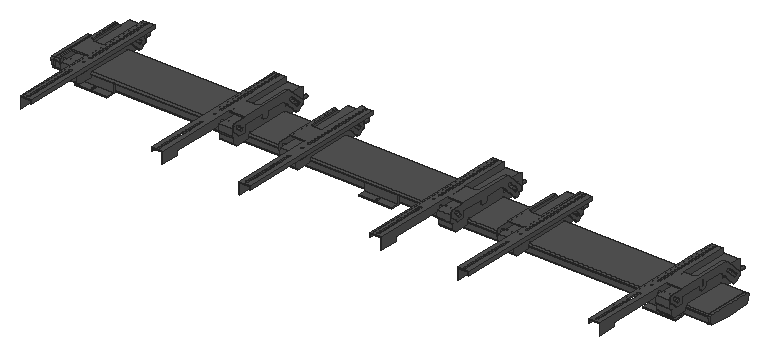
Revit family "Display_Mount-Wall-Vogels-PFS3504-Includes_Interface_Bar", category Specialty Equipment, host Face, Revit 2019
Family settings
  Host = Face
  Round Connector Dimension = Use Diameter
  Part Type = Normal
  Cut with Voids When Loaded = No
  Shared = No
  Room Calculation Point = No
Parameters (values of type "PFS 3504 + PFB 3419")
  Width = 75.40"
  URL = "https://www.vogels.com/en/p/pfs-3504-display-interface-strips-3d-adjustable"
  Product Material = Metal - Painted - Vogels - Black
  One Display [instance] = Display Quantity = 1  # no
  Multiple Displays [instance] = not(One Display)  # yes
  Model Bar = Display_Mount-Wall-Vogels-Interface_Bar : PFB 3419
  Model = "PFS 3504 + PFB 3419"
  Minimum Screen Size Inches = 0.00"
  Maximum Weight Load = 240 kg
  Maximum Screen Size Inches = 0.00"
  Manufacturer = "Vogel´s"  # constant formula
  Height = 19.03"  # constant formula
  Distance Between Strips [instance] = 15.00"
  Distance Between Display Centers [instance] = 25.00"
  Display Quantity Auxiliary [instance] = if(Display Quantity < 2, 2, Display Quantity)  # 3
  Display Quantity [instance] = 3
  Display Array Cantilever [instance] = if(((Width - ((Display Quantity Auxiliary - 1) * Distance Between Display Centers)) / 2) < (Distance Between Display Centers / 2), Distance Between Display Centers / 2, (Width - ((Display Quantity Auxiliary - 1) * Distance Between Display Centers)) / 2)  # 12.70"
  Description = "Display Interface Strips, 3D Adjustable + Wall Mopunted Display Interface Bar"  # constant formula
  Depth = 3.37"  # constant formula
  Default Elevation = 48.00"
  7º Tilt [instance] = no
  0º Tilt [instance] = yes
  -3º Tilt [instance] = no
Types (7): name | Width | One Display | Multiple Displays | Model Bar | Model | Maximum Weight Load | Display Quantity Auxiliary | Display Quantity | Display Array Cantilever
  (no name) | 75.40" | no | yes | Display_Mount-Wall-Vogels-Interface_Bar : PFB 3419 | "PFS 3504 + PFB 3419" | 240 kg | 3 | 3 | 12.70"
  PFS 3504 + PFB 3411 | 46.30" | yes | no | Display_Mount-Wall-Vogels-Interface_Bar : PFB 3411 | "PFS 3504 + PFB 3411" | 186 kg | 2 | 1 | 12.50"
  PFS 3504 + PFB 3407 | 28.10" | yes | no | Display_Mount-Wall-Vogels-Interface_Bar : PFB 3407 | "PFS 3504 + PFB 3407" | 260 kg | 2 | 1 | 12.50"
  PFS 3504 + PFB 3409 | 36.00" | yes | no | Display_Mount-Wall-Vogels-Interface_Bar : PFB 3409 | "PFS 3504 + PFB 3409" | 133 kg | 2 | 1 | 12.50"
  PFS 3504 + PFB 3419 | 75.40" | no | yes | Display_Mount-Wall-Vogels-Interface_Bar : PFB 3419 | "PFS 3504 + PFB 3419" | 240 kg | 3 | 3 | 12.70"
  PFS 3504 + PFB 3427 | 108.90" | yes | no | Display_Mount-Wall-Vogels-Interface_Bar : PFB 3427 | "PFS 3504 + PFB 3427" | 240 kg | 2 | 1 | 41.95"
  PFS 3504 + PFB 3433 | 130.50" | yes | no | Display_Mount-Wall-Vogels-Interface_Bar : PFB 3433 | "PFS 3504 + PFB 3433" | 240 kg | 2 | 1 | 52.75"
Reference planes (in)
  plane 1 "Center (Front/Back)": y = 0
  plane 2: z = 0
  plane 3 "Center (Left/Right)": x = 0
  plane 4: x = -37.7
  plane 5: x = 37.7
  plane 6: z = 3.37
  plane 7: y = 6.29114
  plane 8: y = -12.73886
  plane 9 "Strips Center 1": x = -25
Dimensions and locks (in)
  equal spacing: plane 4, plane 3 "Center (Left/Right)", plane 5
  "Width": plane 4 to plane 5
  "Depth": plane 6 to plane 2
  locked: plane 1 "Center (Front/Back)" to plane 7 at 6.29114
  "Height": plane 8 to plane 7
  equal spacing: group 1, group 2, group 3  (x3)
  "Distance Between Display Centers": plane 9 "Strips Center 1" to nested 4
  "Display Array Cantilever": plane 4 to plane 9 "Strips Center 1"
  aligned and locked: host face to plane 2
  aligned and locked: host face to level
  aligned and locked: plane 3 "Center (Left/Right)" to nested 1
  aligned and locked: plane 1 "Center (Front/Back)" to nested 1
  aligned and locked: plane 3 "Center (Left/Right)" to nested 2
  aligned and locked: plane 1 "Center (Front/Back)" to nested 2
  aligned and locked: plane 9 "Strips Center 1" to nested 3
Automatic sketch dimensions
  host sketch curve to host sketch curve = 175.79304"
  host sketch curve to host sketch curve = 96.00"
Nested families (in)
  nested 1: "Display_Mount-Wall-Vogels-Interface_Bar" at (0, 0, 0), type <- "Model Bar", type "PFB 3419"
  nested 2: "Display_Mount-Wall-Vogels-PFS3504" at (0, 0, 0), -3º Tilt <- "-3º Tilt", 0º Tilt <- "0º Tilt", 7º Tilt <- "7º Tilt", Distance Between Strips <- "Distance Between Strips", visible <- "One Display", type "PFS 3504"
    with Distance Between Strips 15.00", Aux. Angle 90.00°, Angle 0.00°, 7º Tilt no, 0º Tilt yes, -3º Tilt no
  nested 3: "Display_Mount-Wall-Vogels-PFS3504" at (-25, -0.03949, 0), Distance Between Strips <- "Distance Between Strips", visible <- "Multiple Displays", -3º Tilt <- "-3º Tilt", 0º Tilt <- "0º Tilt", 7º Tilt <- "7º Tilt", type "PFS 3504"
    with Distance Between Strips 15.00", Aux. Angle 90.00°, Angle 0.00°, 7º Tilt no, 0º Tilt yes, -3º Tilt no
  nested 4: "Display_Mount-Wall-Vogels-PFS3504" at (0, -0.03949, 0), Distance Between Strips <- "Distance Between Strips", visible <- "Multiple Displays", -3º Tilt <- "-3º Tilt", 0º Tilt <- "0º Tilt", 7º Tilt <- "7º Tilt", type "PFS 3504"
    with Distance Between Strips 15.00", Aux. Angle 90.00°, Angle 0.00°, 7º Tilt no, 0º Tilt yes, -3º Tilt no
  nested 5: "Display_Mount-Wall-Vogels-PFS3504" at (25, -0.03949, 0), Distance Between Strips <- "Distance Between Strips", visible <- "Multiple Displays", -3º Tilt <- "-3º Tilt", 0º Tilt <- "0º Tilt", 7º Tilt <- "7º Tilt", type "PFS 3504"
    with Distance Between Strips 15.00", Aux. Angle 90.00°, Angle 0.00°, 7º Tilt no, 0º Tilt yes, -3º Tilt no
Definition of nested family "Display_Mount-Wall-Vogels-Interface_Bar"
  Parameters (values of type "PFB 3407")
    Width = 28.10"
    URL = "https://www.vogels.com/en/p/pfb-3407-display-interface-bar-black"
    Two Brackets = yes
    Three Brackets = no
    Product Material = none
    Model = "PFB 3407"
    Maximum Weight Load = 180 kg
    Manufacturer = "Vogel´s"  # constant formula
    Height = 5.40"  # constant formula
    Description = "Wall Mounted Display Interface Bar"  # constant formula
    Depth = 1.36"  # constant formula
    Default Elevation = 48.00"
    Bracket Lateral Offset = 5.95"
  Types (6): name | Width | URL | Three Brackets | Model | Maximum Weight Load | Bracket Lateral Offset
    PFB 3407 | 28.10" | "https://www.vogels.com/en/p/pfb-3407-display-interface-bar-black" | no | "PFB 3407" | 180 kg | 5.95"
    PFB 3409 | 36.00" | "https://www.vogels.com/en/p/pfb-3409-display-interface-bar-black" | no | "PFB 3409" | 53 kg | 4.00"
    PFB 3411 | 46.30" | "https://www.vogels.com/en/p/pfb-3411-display-interface-bar-black" | no | "PFB 3411" | 106 kg | 14.56693"
    PFB 3419 | 75.40" | "https://www.vogels.com/en/p/pfb-3419-display-interface-bar-black" | yes | "PFB 3419" | 160 kg | 5.22"
    PFB 3427 | 108.90" | "https://www.vogels.com/en/p/pfb-3427-display-interface-bar-black" | yes | "PFB 3427" | 160 kg | 12.50"
    PFB 3433 | 130.50" | "https://www.vogels.com/en/p/pfb-3433-display-interface-bar-black" | yes | "PFB 3433" | 160 kg | 12.50"
  Reference planes (in)
    plane 1 "Center (Front/Back)": y = 0
    plane 2: z = 0
    plane 3 "Center (Left/Right)": x = 0
    plane 4: x = -14.05
    plane 5: x = 14.05
    plane 6: z = 1.36
    plane 7: y = 2.7
    plane 8: y = -2.7
    plane 9: x = -8.1
    plane 10: x = 8.1
    plane 11: x = -9.97008
    plane 12: x = -6.22992
    plane 13: x = -1.87008
    plane 14: x = 1.87008
    plane 15: x = 6.22992
    plane 16: x = 9.97008
    plane 17: z = 0
    plane 18: y = 3.53346
    plane 19: y = -3.53346
  Forms (in)
    Extrusion 1, solid
      sketch origin (0, 0, 0) x (1, 0, 0) y (0, 1, 0)
        loop
          line (-48, 48) -> (-48, -48) -> (48, -48) -> (48, 48) -> (-48, 48)
      from 0 to -12
    Extrusion 2, solid
      sketch origin (0, 0, 0) x (0, 1, 0) y (0, 0, 1)
        loop
          line (2.56727, 1.36) -> (-2.56727, 1.36) -> (-2.7, 1.1301)
          arc (-2.7, 1.1301) -> (-2.63168, 0.66553) -> (-2.46942, 0.22489) r 2.27469
          arc (-2.46942, 0.22489) -> (0, 0.09276) -> (2.46942, 0.22489) r 23.14189
          arc (2.46942, 0.22489) -> (2.63168, 0.66553) -> (2.7, 1.1301) r 2.27469
          line (2.7, 1.1301) -> (2.56727, 1.36)
      from 13.75472 to 14.05
    Extrusion 3, void
      sketch origin (0, 0, 0) x (1, 0, 0) y (0, 1, 0)
        loop
          line (-8.26732, 3.15945) -> (-8.26732, 3.06102)
          arc (-8.26732, 3.06102) -> (-8.1, 2.8937) -> (-7.93268, 3.06102) r 0.16732
          line (-7.93268, 3.06102) -> (-7.93268, 3.15945)
          arc (-7.93268, 3.15945) -> (-8.1, 3.32677) -> (-8.26732, 3.15945) r 0.16732
        loop
          line (-0.16732, 3.15945) -> (-0.16732, 3.06102)
          arc (-0.16732, 3.06102) -> (0, 2.8937) -> (0.16732, 3.06102) r 0.16732
          line (0.16732, 3.06102) -> (0.16732, 3.15945)
          arc (0.16732, 3.15945) -> (0, 3.32677) -> (-0.16732, 3.15945) r 0.16732
        loop
          line (7.93268, 3.15945) -> (7.93268, 3.06102)
          arc (7.93268, 3.06102) -> (8.1, 2.8937) -> (8.26732, 3.06102) r 0.16732
          line (8.26732, 3.06102) -> (8.26732, 3.15945)
          arc (8.26732, 3.15945) -> (8.1, 3.32677) -> (7.93268, 3.15945) r 0.16732
        loop
          arc (-8.26732, -3.15945) -> (-8.1, -3.32677) -> (-7.93268, -3.15945) r 0.16732
          line (-7.93268, -3.15945) -> (-7.93268, -3.06102)
          arc (-7.93268, -3.06102) -> (-8.1, -2.8937) -> (-8.26732, -3.06102) r 0.16732
          line (-8.26732, -3.06102) -> (-8.26732, -3.15945)
        loop
          arc (-0.16732, -3.15945) -> (0, -3.32677) -> (0.16732, -3.15945) r 0.16732
          line (0.16732, -3.15945) -> (0.16732, -3.06102)
          arc (0.16732, -3.06102) -> (0, -2.8937) -> (-0.16732, -3.06102) r 0.16732
          line (-0.16732, -3.06102) -> (-0.16732, -3.15945)
        loop
          arc (7.93268, -3.15945) -> (8.1, -3.32677) -> (8.26732, -3.15945) r 0.16732
          line (8.26732, -3.15945) -> (8.26732, -3.06102)
          arc (8.26732, -3.06102) -> (8.1, -2.8937) -> (7.93268, -3.06102) r 0.16732
          line (7.93268, -3.06102) -> (7.93268, -3.15945)
      from 0 to 1.35827
    Extrusion 4, solid, material <- "Product Material"
      sketch origin (0, 0, 0) x (0, 1, 0) y (0, 0, 1)
        loop
          line (-2.56727, 1.36) -> (-2.7, 1.1301)
          arc (-2.7, 1.1301) -> (-2.69886, 1.10638) -> (-2.69748, 1.08268) r 2.27469
          line (-2.69748, 1.08268) -> (-2.49016, 1.08268) -> (-2.49016, 0.26831)
          arc (-2.49016, 0.26831) -> (-2.4799, 0.24655) -> (-2.46942, 0.22489) r 2.27469
          arc (-2.46942, 0.22489) -> (0, 0.09276) -> (2.46942, 0.22489) r 23.14189
          arc (2.46942, 0.22489) -> (2.4799, 0.24655) -> (2.49016, 0.26831) r 2.27469
          line (2.49016, 0.26831) -> (2.49016, 1.08268) -> (2.69748, 1.08268)
          arc (2.69748, 1.08268) -> (2.69886, 1.10638) -> (2.7, 1.1301) r 2.27469
          line (2.7, 1.1301) -> (2.56727, 1.36) -> (-2.56727, 1.36)
      from -13.75472 to 13.75472
    Extrusion 5, solid
      sketch origin (0, 0, 0) x (0, 1, 0) y (0, 0, -1)
        loop
          line (2.56727, -1.36) -> (2.7, -1.1301)
          arc (2.7, -1.1301) -> (2.63168, -0.66553) -> (2.46942, -0.22489) r 2.27469
          arc (2.46942, -0.22489) -> (0, -0.09276) -> (-2.46942, -0.22489) r 23.14189
          arc (-2.46942, -0.22489) -> (-2.63168, -0.66553) -> (-2.7, -1.1301) r 2.27469
          line (-2.7, -1.1301) -> (-2.56727, -1.36) -> (2.56727, -1.36)
      from 13.75472 to 14.05
    Extrusion 6, solid, visible <- "Three Brackets"
      sketch origin (0, 0, 0) x (0, 1, 0) y (0, 0, 1)
        loop
          line (-2.58858, 0.09843) -> (-3.53346, 0.09843) -> (-3.53346, 0) -> (-2.49016, 0) -> (-2.49016, 1.08268) -> (-2.58858, 1.08268) -> (-2.58858, 0.09843)
        loop
          line (3.53346, 0.09843) -> (2.58858, 0.09843) -> (2.58858, 1.08268) -> (2.49016, 1.08268) -> (2.49016, 0) -> (3.53346, 0) -> (3.53346, 0.09843)
      from -1.87008 to 1.87008
    Extrusion 7, solid, visible <- "Two Brackets"
      sketch origin (0, 0, 0) x (0, 1, 0) y (0, 0, 1)
        loop
          line (-2.58858, 0.09843) -> (-3.53346, 0.09843) -> (-3.53346, 0) -> (-2.49016, 0) -> (-2.49016, 1.08268) -> (-2.58858, 1.08268) -> (-2.58858, 0.09843)
        loop
          line (3.53346, 0.09843) -> (2.58858, 0.09843) -> (2.58858, 1.08268) -> (2.49016, 1.08268) -> (2.49016, 0) -> (3.53346, 0) -> (3.53346, 0.09843)
      from 6.22992 to 9.97008
    Extrusion 8, solid, visible <- "Two Brackets"
      sketch origin (0, 0, 0) x (0, 1, 0) y (0, 0, -1)
        loop
          line (-2.58858, -0.09843) -> (-2.58858, -1.08268) -> (-2.49016, -1.08268) -> (-2.49016, 0) -> (-3.53346, 0) -> (-3.53346, -0.09843) -> (-2.58858, -0.09843)
        loop
          line (3.53346, -0.09843) -> (3.53346, 0) -> (2.49016, 0) -> (2.49016, -1.08268) -> (2.58858, -1.08268) -> (2.58858, -0.09843) -> (3.53346, -0.09843)
      from 6.22992 to 9.97008
  Cuts and joins
    Extrusion 3 cuts Extrusion 8
    Extrusion 3 cuts Extrusion 6
    Extrusion 3 cuts Extrusion 7
  Dimensions and locks (in)
    equal spacing: plane 4, plane 3 "Center (Left/Right)", plane 5
    "Width": plane 4 to plane 5
    "Depth": plane 6 to plane 2
    equal spacing: plane 8, plane 1 "Center (Front/Back)", plane 7
    "Height": plane 8 to plane 7
    "Bracket Lateral Offset": plane 4 to plane 9
    "Bracket Lateral Offset": plane 10 to plane 5
    plane 11 to plane 9 to plane 12 = 1.87008" locked, 1.87008" locked
    plane 13 to plane 3 "Center (Left/Right)" to plane 14 = 1.87008" locked, 1.87008" locked
    plane 15 to plane 10 to plane 16 = 1.87008" locked, 1.87008" locked
    plane 17 to plane 2 = 0.00"
    equal spacing: plane 19, plane 1 "Center (Front/Back)", plane 18
    locked: plane 19 to plane 18 at 7.06693
    level to Extrusion 2 = 1.36"
    locked: Extrusion 5 to plane 4 at 0.29528
    locked: Extrusion 2 to plane 5 at 0.29528
    locked: Extrusion 4 to plane 5 at 0.29528
    locked: Extrusion 4 to plane 4 at 0.29528
    aligned and locked: plane 2 to Extrusion 1
    aligned and locked: level to Extrusion 1
    aligned and locked: Extrusion 2 to plane 5
    aligned and locked: plane 6 to Extrusion 2 sketch curve
    aligned and locked: plane 9 to Extrusion 3 sketch curve  (x4)
    aligned and locked: plane 3 "Center (Left/Right)" to Extrusion 3 sketch curve  (x4)
    aligned and locked: plane 10 to Extrusion 3 sketch curve  (x4)
    aligned and locked: Extrusion 3 to level
    aligned and locked: Extrusion 5 to plane 4
    aligned and locked: Extrusion 6 to plane 13
    aligned and locked: plane 14 to Extrusion 6
    aligned and locked: plane 16 to Extrusion 7
    aligned and locked: Extrusion 7 to plane 15
    aligned and locked: plane 12 to Extrusion 8
    aligned and locked: Extrusion 8 to plane 11
  Automatic sketch dimensions
    Extrusion 1 sketch curve to Extrusion 1 sketch curve = 96.00"  (x2)
    Extrusion 2 sketch curve to plane 8 = 0.00"
    Extrusion 2 sketch curve to plane 1 "Center (Front/Back)" = 0.00"
    Extrusion 2 sketch curve to plane 7 = 0.00"
    Extrusion 2 sketch curve to plane 8 = 0.13273"
    Extrusion 2 sketch curve to plane 6 = 0.13297"  (x2)
    plane 1 "Center (Front/Back)" to Extrusion 2 sketch curve = 0.42738"
    Extrusion 2 sketch curve to plane 1 "Center (Front/Back)" = 0.42738"
    plane 7 to Extrusion 2 sketch curve = 0.13273"
    Extrusion 2 sketch curve to plane 6 = 0.2299"  (x2)
    level to Extrusion 2 sketch curve = 0.22489"
    Extrusion 3 sketch curve to plane 9 = 0.16732"  (x2)
    Extrusion 3 sketch curve to plane 3 "Center (Left/Right)" = 0.16732"  (x2)
    Extrusion 3 sketch curve to Extrusion 3 sketch curve = 0.16732"  (x2)
    Extrusion 3 sketch curve to plane 19 = 0.37402"  (x3)
    Extrusion 3 sketch curve to Extrusion 3 sketch curve = 0.09843"  (x6)
    Extrusion 3 sketch curve to plane 7 = 0.36102"  (x3)
    Extrusion 4 sketch curve to Extrusion 4 sketch curve = 0.00"  (x4)
    Extrusion 4 sketch curve to plane 8 = 0.00"
    Extrusion 4 sketch curve to plane 6 = 0.00"
    Extrusion 4 sketch curve to plane 1 "Center (Front/Back)" = 0.00"
    Extrusion 4 sketch curve to plane 7 = 0.00"
    Extrusion 4 sketch curve to plane 8 = 0.00252"
    Extrusion 4 sketch curve to plane 8 = 0.13273"
    Extrusion 4 sketch curve to Extrusion 4 sketch curve = 0.20732"
    Extrusion 4 sketch curve to plane 6 = 0.13297"  (x2)
    plane 1 "Center (Front/Back)" to Extrusion 4 sketch curve = 0.42738"
    Extrusion 4 sketch curve to plane 1 "Center (Front/Back)" = 0.42738"
    plane 7 to Extrusion 4 sketch curve = 0.20984"
    plane 7 to Extrusion 4 sketch curve = 0.13273"
    plane 7 to Extrusion 4 sketch curve = 0.00252"
    Extrusion 4 sketch curve to plane 6 = 0.2299"  (x2)
    level to Extrusion 4 sketch curve = 0.26831"  (x2)
    Extrusion 4 sketch curve to Extrusion 4 sketch curve = 0.02074"
    Extrusion 5 sketch curve to plane 8 = 0.00"
    Extrusion 5 sketch curve to plane 6 = 0.00"
    Extrusion 5 sketch curve to plane 1 "Center (Front/Back)" = 0.00"
    Extrusion 5 sketch curve to plane 7 = 0.00"
    Extrusion 5 sketch curve to plane 8 = 0.13273"
    Extrusion 5 sketch curve to plane 6 = 0.13297"  (x2)
    plane 1 "Center (Front/Back)" to Extrusion 5 sketch curve = 0.42738"
    Extrusion 5 sketch curve to plane 1 "Center (Front/Back)" = 0.42738"
    plane 7 to Extrusion 5 sketch curve = 0.13273"
    Extrusion 5 sketch curve to plane 6 = 0.2299"  (x2)
    level to Extrusion 5 sketch curve = 0.22489"
    Extrusion 6 sketch curve to plane 19 = 0.00"
    Extrusion 6 sketch curve to level = 0.00"  (x2)
    Extrusion 6 sketch curve to plane 18 = 0.00"
    Extrusion 6 sketch curve to plane 8 = 0.11142"
    Extrusion 6 sketch curve to Extrusion 6 sketch curve = 0.09843"  (x3)
    plane 7 to Extrusion 6 sketch curve = 0.20984"
    level to Extrusion 6 sketch curve = 0.09843"
    Extrusion 6 sketch curve to plane 6 = 0.27732"  (x2)
    Extrusion 7 sketch curve to plane 19 = 0.00"
    Extrusion 7 sketch curve to level = 0.00"  (x2)
    Extrusion 7 sketch curve to plane 18 = 0.00"
    Extrusion 7 sketch curve to plane 8 = 0.11142"
    Extrusion 7 sketch curve to Extrusion 7 sketch curve = 0.09843"  (x3)
    plane 7 to Extrusion 7 sketch curve = 0.20984"
    level to Extrusion 7 sketch curve = 0.09843"
    Extrusion 7 sketch curve to plane 6 = 0.27732"  (x2)
    Extrusion 8 sketch curve to plane 19 = 0.00"
    Extrusion 8 sketch curve to level = 0.00"  (x2)
    Extrusion 8 sketch curve to plane 18 = 0.00"
    Extrusion 8 sketch curve to plane 8 = 0.11142"
    Extrusion 8 sketch curve to Extrusion 8 sketch curve = 0.09843"  (x3)
    plane 7 to Extrusion 8 sketch curve = 0.20984"
    level to Extrusion 8 sketch curve = 0.09843"
    Extrusion 8 sketch curve to plane 6 = 0.27732"  (x2)
    plane 6 to Extrusion 2 sketch curve = 21.87465"
    plane 6 to Extrusion 4 sketch curve = 21.87465"
    plane 6 to Extrusion 5 sketch curve = 21.87465"
Definition of nested family "Display_Mount-Wall-Vogels-PFS3504"
  Parameters (values of type "PFS 3504")
    Width = 21.70"
    URL = "https://www.vogels.com/en/p/pfs-3504-display-interface-strips-3d-adjustable"
    Support Top Offset = 6.29114"
    Product Material = none
    Model = "PFS 3504"  # constant formula
    Minimum Screen Size Inches = 0.00"
    Maximum Weight Load = 80 kg  # constant formula
    Maximum Screen Size Inches = 0.00"
    Manufacturer = "Vogel´s"  # constant formula
    Height = 19.0324"
    Distance Between Strips [instance] = 21.70"
    Description = "Display Interface Strips Pair, 3D Adjustable"  # constant formula
    Depth = 3.36906"
    Default Elevation = 48.00"
    Aux. Angle [instance] = 90.00° + (Angle)  # 90.00°
    Angle [instance] = if([0º Tilt], 0.00°, if([7º Tilt], 7.00°, -3.00°))  # 0.00°
    7º Tilt [instance] = no
    0º Tilt [instance] = yes
    -3º Tilt [instance] = no
  Reference planes (in)
    plane 1 "Center (Front/Back)": y = 0
    plane 2: z = 0
    plane 3 "Center (Left/Right)": x = 0
    plane 4: x = -10.85
    plane 5: x = 10.85
    plane 6: y = 6.29114
    plane 7: y = -12.74126
    plane 8: z = 1.36
    plane 9 "Pivot Plane Horizontal": z = 2.62103
    plane 10 "Pivot Plane Vertical": y = -0.31764
    plane 11: x = -12.34606
    plane 12: x = 12.34606
    plane 13: z = 3.36906
    plane 14: z = 0.42869
  Forms (in)
    Extrusion 1, solid
      sketch origin (0, 0, 0) x (1, 0, 0) y (0, 1, 0)
        loop
          line (-48, 48) -> (-48, -48) -> (48, -48) -> (48, 48) -> (-48, 48)
      from 0 to -12
  Lines and regions (in)
    reference lines
      curve 1: line (0, -0.31764, 2.62103) -> (0, 4.68236, 2.62103)
      curve 2: line (0, -0.31764, 2.62103) -> (0, -0.31764, 7.62103)
  Dimensions and locks (in)
    equal spacing: plane 4, plane 3 "Center (Left/Right)", plane 5
    "Distance Between Strips": plane 4 to plane 5
    "Height": plane 6 to plane 7
    "Support Top Offset": plane 6 to plane 1 "Center (Front/Back)"
    locked: plane 11 to plane 4 at 1.49606
    locked: plane 5 to plane 12 at 1.49606
    locked: plane 1 "Center (Front/Back)" to plane 10 "Pivot Plane Vertical" at 0.31764
    "Depth": plane 2 to plane 13
    locked: plane 14 to plane 2 at 0.42869
    locked: plane 8 to plane 2 at 1.36
    plane 9 "Pivot Plane Horizontal" to Extrusion 1 = 2.62103"
    locked: curve 1 to curve 2 (angle 90.00°)
    "Aux. Angle": angle curve 1 to plane 10 "Pivot Plane Vertical"
    aligned and locked: plane 2 to Extrusion 1
    aligned and locked: level to Extrusion 1
    aligned and locked: plane 9 "Pivot Plane Horizontal" to curve 1
    aligned and locked: plane 10 "Pivot Plane Vertical" to curve 1
    aligned and locked: plane 5 to nested 1
    aligned and locked: nested 2 to plane 4
    aligned and locked: nested 3 to plane 11
    aligned and locked: plane 12 to nested 4
    aligned and locked: plane 1 "Center (Front/Back)" to nested 3
    aligned and locked: plane 1 "Center (Front/Back)" to nested 4
  Automatic sketch dimensions
    Extrusion 1 sketch curve to Extrusion 1 sketch curve = 96.00"  (x2)
  Nested families (in)
    nested 1: "Display_Mount-Wall-Vogels-PFS3504-Adjustable_Strip" at (10.85, -0.31764, 2.62103), type "Right Strip"
    nested 2: "Display_Mount-Wall-Vogels-PFS3504-Adjustable_Strip" at (-10.85, -0.31764, 2.62103), type "Left Strip"
    nested 3: "Display_Mount-Wall-Vogels-PFS3504-Fix_Strip" at (-12.34606, 0, 1.36), Product Material <- "Product Material", type "Fix Strip"
      with Product Material none
    nested 4: "Display_Mount-Wall-Vogels-PFS3504-Fix_Strip" at (12.34606, 0, 1.36), Product Material <- "Product Material", type "Fix Strip"
      with Product Material none
  Definition of nested family "Display_Mount-Wall-Vogels-PFS3504-Adjustable_Strip"
    Parameters (values of type "Left Strip")
      Right Strip = not(Left Strip)  # no
      Product Material [instance] = none
      Left Strip = yes
      Default Elevation = 48.00"
    Types (2): name | Right Strip | Left Strip
      Right Strip | yes | no
      Left Strip | no | yes
    Reference planes (in)
      plane 1 "Center (Front/Back)": y = 0
      plane 2: z = 0
      plane 3 "Center (Left/Right)": x = 0
      plane 4 "Display Plane": z = 0.74803
      plane 5: z = -1.99658
      plane 6: y = -12.42126
      plane 7: y = 5.31913
      plane 8 "CL of Rail": y = 0.32335
      plane 9: y = -12.42126
      plane 10: y = 5.31913
    Forms (in)
      Sweep 1, solid, material <- "Product Material", visible <- "Left Strip"
        path origin (0, 0.32335, 0) x (1, 0, 0) y (0, 1, 0)
          loop
            line (0, 4.99578) -> (0, -12.74461)
        profile origin (0, -3.55106, 0) x (1, 0, 0) y (0, 0, 1)
          loop
            line (-2.4311, 0.74803) -> (-2.4311, -1.99658) -> (-2.33268, -1.99658) -> (-2.33268, 0.64961) -> (-0.65945, 0.64961) -> (-0.65945, -1.99658) -> (-0.56102, -1.99658) -> (-0.56102, 0.64961) -> (0.56102, 0.64961) -> (0.56102, 0.35433) -> (0.65945, 0.35433) -> (0.65945, 0.74803) -> (-2.4311, 0.74803)
      Extrusion 2, void
        sketch origin (0, 0.32335, -1.067) x (0, 1, 0) y (0, 0, 1)
          loop
            line (4.99578, -0.09998) -> (4.99578, 1.81503) -> (4.77507, 1.81503) -> (4.77507, 0.12073) -> (4.99578, -0.09998)
          loop
            line (2.24835, 0.98826) -> (0.07035, 0.98826) -> (0.07035, 0.59456) -> (-0.1265, 0.39771) -> (-0.5202, 0.39771) -> (-0.71705, 0.59456) -> (-0.71705, 0.98826) -> (-2.78456, 0.98826) -> (-3.29579, 0.47703) -> (-3.29579, 0.24023) -> (-4.06409, 0.24023) -> (-4.81212, 0.98826) -> (-10.77611, 0.98826) -> (-10.77611, 0.51582) -> (-12.74461, 0.51582) -> (-12.74461, -0.92958) -> (4.16619, -0.92958) -> (2.24835, 0.98826)
          loop
            line (4.99578, -0.92958) -> (4.99578, -0.37837) -> (4.44457, -0.92958) -> (4.99578, -0.92958)
          loop
            line (-0.42571, 1.42133) -> (-0.42571, 0.71267)
            arc (-0.42571, 0.71267) -> (-0.32335, 0.6103) -> (-0.22099, 0.71267) r 0.10236
            line (-0.22099, 0.71267) -> (-0.22099, 1.42133)
            arc (-0.22099, 1.42133) -> (-0.32335, 1.52369) -> (-0.42571, 1.42133) r 0.10236
          loop
            line (3.09996, 0.70456) -> (4.21351, -0.409)
            arc (4.21351, -0.409) -> (4.50304, -0.409) -> (4.50304, -0.11947) r 0.20472
            line (4.50304, -0.11947) -> (3.38948, 0.99408)
            arc (3.38948, 0.99408) -> (3.09996, 0.99408) -> (3.09996, 0.70456) r 0.20472
          loop
            line (-4.54292, 1.19783) -> (-3.87478, 0.52969)
            arc (-3.87478, 0.52969) -> (-3.58526, 0.52969) -> (-3.58526, 0.81922) r 0.20472
            line (-3.58526, 0.81922) -> (-4.25339, 1.48735)
            arc (-4.25339, 1.48735) -> (-4.54292, 1.48735) -> (-4.54292, 1.19783) r 0.20472
        from -2.4311 to 0
      Extrusion 3, void
        sketch origin (0, 0.32335, -1.067) x (0, 1, 0) y (0, 0, 1)
          loop
            line (4.99578, -0.09998) -> (4.99578, 1.81503) -> (3.0424, 1.81503) -> (3.0424, 1.69692) -> (3.19888, 1.69692) -> (4.99578, -0.09998)
          loop
            line (-3.29579, 1.81503) -> (-12.74461, 1.81503) -> (-12.74461, 0) -> (-4.89086, 0) -> (-4.89086, 1.50007) -> (-4.69401, 1.69692) -> (-3.29579, 1.69692) -> (-3.29579, 1.81503)
          loop
            line (-2.45237, 0.98826) -> (-3.29579, 0.98826) -> (-3.29579, 0) -> (-2.45237, 0) -> (-2.45237, 0.98826)
        from -2.4311 to -0.65945
      Extrusion 4, void
        sketch origin (0, 0.32335, 0) x (1, 0, 0) y (0, 1, 0)
          loop
            line (-2.07677, -0.59894) -> (-1.84055, -0.83516) -> (-0.65945, -0.83516) -> (-0.65945, 3.0424) -> (-2.27324, 3.0424) -> (-2.07677, 2.84594) -> (-2.07677, -0.59894)
          loop
            circle (0, 4.38174) r 0.16171
          loop
            circle (0, 3.88909) r 0.16171
          loop
            circle (0, 3.39643) r 0.16171
          loop
            circle (0, 2.90377) r 0.16171
          loop
            circle (0, 2.41112) r 0.16171
          loop
            circle (0, 1.91846) r 0.16171
          loop
            circle (0, 1.42581) r 0.16171
          loop
            circle (0, 0.93315) r 0.16171
          loop
            circle (0, 0.4405) r 0.16171
          loop
            circle (0, -0.05216) r 0.16171
          loop
            circle (0, -0.54481) r 0.16171
          loop
            circle (0, -1.03747) r 0.16171
          loop
            circle (0, -1.53012) r 0.16171
          loop
            circle (0, -2.02278) r 0.16171
          loop
            circle (0, -2.51543) r 0.16171
          loop
            circle (0, -3.00809) r 0.16171
          loop
            circle (0, -3.50075) r 0.16171
          loop
            circle (0, -6.44757) r 0.16171
          loop
            arc (0.16171, -6.94023) -> (0, -6.77852) -> (-0.16171, -6.94023) r 0.16171
            line (-0.16171, -6.94023) -> (-0.16171, -7.92554)
            arc (-0.16171, -7.92554) -> (0, -8.08726) -> (0.16171, -7.92554) r 0.16171
            line (0.16171, -7.92554) -> (0.16171, -6.94023)
          loop
            circle (0, -8.4182) r 0.16171
          loop
            arc (0.16171, -8.91085) -> (0, -8.74914) -> (-0.16171, -8.91085) r 0.16171
            line (-0.16171, -8.91085) -> (-0.16171, -9.55585)
            arc (-0.16171, -9.55585) -> (0, -9.71757) -> (0.16171, -9.55585) r 0.16171
            line (0.16171, -9.55585) -> (0.16171, -8.91085)
          loop
            arc (0.16171, -10.04851) -> (0, -9.88679) -> (-0.16171, -10.04851) r 0.16171
            line (-0.16171, -10.04851) -> (-0.16171, -10.69351)
            arc (-0.16171, -10.69351) -> (0, -10.85522) -> (0.16171, -10.69351) r 0.16171
            line (0.16171, -10.69351) -> (0.16171, -10.04851)
          loop
            arc (0.16171, -11.18616) -> (0, -11.02445) -> (-0.16171, -11.18616) r 0.16171
            line (-0.16171, -11.18616) -> (-0.16171, -11.86241)
            arc (-0.16171, -11.86241) -> (0, -12.02412) -> (0.16171, -11.86241) r 0.16171
            line (0.16171, -11.86241) -> (0.16171, -11.18616)
          loop
            circle (0, -12.35506) r 0.16171
          loop
            line (0, -4.36272) -> (-0.15748, -4.47689) -> (0, -4.59107) -> (0.15748, -4.47689) -> (0, -4.36272)
        from 0 to 0.74803
      Extrusion 5, void
        sketch origin (0, 0.32335, 0) x (0, 1, 0) y (0, 0, 1)
          loop
            line (4.77507, 0.74803) -> (4.77507, 0) -> (4.99578, 0) -> (4.99578, 0.74803) -> (4.77507, 0.74803)
        from 0 to 0.65945
      Sweep 6, solid, material <- "Product Material", visible <- "Right Strip"
        path origin (0, 0.32335, 0) x (-1, 0, 0) y (0, 1, 0)
          loop
            line (0, 4.99578) -> (0, -12.74461)
        profile origin (0, -3.55106, 0) x (1, 0, 0) y (0, 0, 1)
          loop
            line (2.4311, 0.74803) -> (-0.65945, 0.74803) -> (-0.65945, 0.35433) -> (-0.56102, 0.35433) -> (-0.56102, 0.64961) -> (0.56102, 0.64961) -> (0.56102, -1.99658) -> (0.65945, -1.99658) -> (0.65945, 0.64961) -> (2.33268, 0.64961) -> (2.33268, -1.99658) -> (2.4311, -1.99658) -> (2.4311, 0.74803)
      Extrusion 7, void
        sketch origin (0, 0.32335, -1.067) x (0, 1, 0) y (0, 0, -1)
          loop
            line (4.99578, 0.09998) -> (4.77507, -0.12073) -> (4.77507, -1.81503) -> (4.99578, -1.81503) -> (4.99578, 0.09998)
          loop
            line (2.24835, -0.98826) -> (4.16619, 0.92958) -> (-12.74461, 0.92958) -> (-12.74461, -0.51582) -> (-10.77611, -0.51582) -> (-10.77611, -0.98826) -> (-4.81212, -0.98826) -> (-4.06409, -0.24023) -> (-3.29579, -0.24023) -> (-3.29579, -0.47703) -> (-2.78456, -0.98826) -> (-0.71705, -0.98826) -> (-0.71705, -0.59456) -> (-0.5202, -0.39771) -> (-0.1265, -0.39771) -> (0.07035, -0.59456) -> (0.07035, -0.98826) -> (2.24835, -0.98826)
          loop
            line (4.99578, 0.92958) -> (4.44457, 0.92958) -> (4.99578, 0.37837) -> (4.99578, 0.92958)
          loop
            arc (-0.42571, -1.42133) -> (-0.32335, -1.52369) -> (-0.22099, -1.42133) r 0.10236
            line (-0.22099, -1.42133) -> (-0.22099, -0.71267)
            arc (-0.22099, -0.71267) -> (-0.32335, -0.6103) -> (-0.42571, -0.71267) r 0.10236
            line (-0.42571, -0.71267) -> (-0.42571, -1.42133)
          loop
            arc (3.09996, -0.70456) -> (3.09996, -0.99408) -> (3.38948, -0.99408) r 0.20472
            line (3.38948, -0.99408) -> (4.50304, 0.11947)
            arc (4.50304, 0.11947) -> (4.50304, 0.409) -> (4.21351, 0.409) r 0.20472
            line (4.21351, 0.409) -> (3.09996, -0.70456)
          loop
            arc (-4.54292, -1.19783) -> (-4.54292, -1.48735) -> (-4.25339, -1.48735) r 0.20472
            line (-4.25339, -1.48735) -> (-3.58526, -0.81922)
            arc (-3.58526, -0.81922) -> (-3.58526, -0.52969) -> (-3.87478, -0.52969) r 0.20472
            line (-3.87478, -0.52969) -> (-4.54292, -1.19783)
        from -2.4311 to 0
      Extrusion 8, void
        sketch origin (0, 0.32335, -1.067) x (0, 1, 0) y (0, 0, -1)
          loop
            line (4.99578, 0.09998) -> (3.19888, -1.69692) -> (3.0424, -1.69692) -> (3.0424, -1.81503) -> (4.99578, -1.81503) -> (4.99578, 0.09998)
          loop
            line (-3.29579, -1.81503) -> (-3.29579, -1.69692) -> (-4.69401, -1.69692) -> (-4.89086, -1.50007) -> (-4.89086, 0) -> (-12.74461, 0) -> (-12.74461, -1.81503) -> (-3.29579, -1.81503)
          loop
            line (-2.45237, -0.98826) -> (-2.45237, 0) -> (-3.29579, 0) -> (-3.29579, -0.98826) -> (-2.45237, -0.98826)
        from -2.4311 to -0.65945
      Extrusion 9, void
        sketch origin (0, 0.32335, 0) x (-1, 0, 0) y (0, -1, 0)
          loop
            line (-2.07677, 0.59894) -> (-2.07677, -2.84594) -> (-2.27324, -3.0424) -> (-0.65945, -3.0424) -> (-0.65945, 0.83516) -> (-1.84055, 0.83516) -> (-2.07677, 0.59894)
        from 0 to 0.74803
      Extrusion 10, void
        sketch origin (0, 0.32335, 0) x (0, 1, 0) y (0, 0, -1)
          loop
            line (4.77507, -0.74803) -> (4.99578, -0.74803) -> (4.99578, 0) -> (4.77507, 0) -> (4.77507, -0.74803)
        from 0 to 0.65945
    Cuts and joins
      Extrusion 2, Extrusion 3, Extrusion 4, Extrusion 5, Extrusion 8, Extrusion 9, Extrusion 10 cuts Sweep 1
      Extrusion 4, Extrusion 7, Extrusion 8, Extrusion 9, Extrusion 10 cuts Sweep 6
    Dimensions and locks (in)
      locked: plane 4 "Display Plane" to plane 5 at 2.74461
      plane 7 to plane 1 "Center (Front/Back)" = 5.31913"
      plane 7 to plane 6 = 17.74039"
      locked: plane 8 "CL of Rail" to plane 1 "Center (Front/Back)" at 0.32335
      plane 10 to plane 9 = 17.74039"
      aligned and locked: level to plane 2
      aligned and locked: Sweep 1 sketch curve to plane 3 "Center (Left/Right)"
      aligned and locked: plane 6 to Sweep 1 sketch curve
      aligned and locked: Sweep 1 sketch curve to plane 4 "Display Plane"
      aligned and locked: Sweep 1 sketch curve to plane 5
      aligned and locked: plane 7 to Sweep 1 sketch curve
      aligned and locked: plane 4 "Display Plane" to Extrusion 2
      aligned and locked: plane 4 "Display Plane" to Extrusion 3 sketch curve
      aligned and locked: plane 4 "Display Plane" to Extrusion 5 sketch curve
      aligned and locked: plane 3 "Center (Left/Right)" to Extrusion 2
      aligned and locked: Extrusion 5 sketch curve to level
      aligned and locked: Sweep 6 sketch curve to plane 9
      aligned and locked: Sweep 6 sketch curve to plane 10
  Definition of nested family "Display_Mount-Wall-Vogels-PFS3504-Fix_Strip"
    Parameters (values of type "Fix Strip")
      Product Material [instance] = none
      Default Elevation = 48.00"
    Reference planes (in)
      plane 1 "Center (Front/Back)": y = 0
      plane 2: z = 0
      plane 3 "Center (Left/Right)": x = 0
      plane 4: x = 0.31491
      plane 5: z = -0.23822
      plane 6: x = 0.81693
      plane 7: x = -0.81693
      plane 8: z = 1.42133
    Forms (in)
      Extrusion 1, solid, material <- "Product Material"
        sketch origin (0, 0, 0) x (0, 1, 0) y (0, 0, 1)
          loop
            line (4.93305, 1.42133) -> (-4.85829, 1.42133) -> (-4.85829, 0.63393) -> (-4.64176, 0.38483) -> (-4.64176, -0.19838) -> (-4.26772, -0.54718) -> (-2.68508, -0.54718) -> (-2.58858, -0.38649) -> (-2.58858, -0.30092) -> (-2.741, -0.30092) -> (-2.51044, 0.09843) -> (-2.24041, 0.09843) -> (-2.24041, 0) -> (2.32675, 0) -> (2.32675, 0.09843) -> (2.51063, 0.09843) -> (2.72824, -0.27849) -> (2.58858, -0.30423) -> (2.58858, -0.55505) -> (3.78344, -0.55505) -> (3.78344, 0.12212) -> (4.14564, 0.12212) -> (4.73619, -0.46844) -> (5.16927, -0.46844) -> (5.16927, 1.3229) -> (4.93305, 1.3229) -> (4.93305, 1.42133)
          loop
            line (2.74407, 0.35046) -> (4.43698, 0.35046)
            arc (4.43698, 0.35046) -> (4.64171, 0.55519) -> (4.43698, 0.75991) r 0.20472
            line (4.43698, 0.75991) -> (2.74407, 0.75991)
            arc (2.74407, 0.75991) -> (2.53934, 0.55519) -> (2.74407, 0.35046) r 0.20472
          loop
            line (-4.4016, 0.84259) -> (-3.74018, 0.84259)
            arc (-3.74018, 0.84259) -> (-3.53546, 1.04731) -> (-3.74018, 1.25204) r 0.20472
            line (-3.74018, 1.25204) -> (-4.4016, 1.25204)
            arc (-4.4016, 1.25204) -> (-4.60632, 1.04731) -> (-4.4016, 0.84259) r 0.20472
        from -0.81693 to 0.81693
      Extrusion 2, void
        sketch origin (1.49606, 0, 0) x (1, 0, 0) y (0, 1, 0)
          loop
            line (-0.75787, 5.16927) -> (-2.31299, 5.16927) -> (-2.31299, 5.03147) -> (-0.75787, 5.03147) -> (-0.75787, 5.16927)
        from -0.92958 to 1.81503
      Revolve 3, solid, material <- "Product Material"
        sketch origin (0.31491, 0, -0.29702) x (0, 0, -1) y (0, 1, 0)
          loop
            line (-0.0588, 6.29114) -> (-0.21595, 6.29114) -> (-0.21595, 5.03147) -> (-0.0588, 5.03147) -> (-0.0588, 6.29114)
          axis (-0.0588, 5.03147) -> (-0.0588, 6.29114)
        angle from 0 to 360
    Cuts and joins
      Extrusion 2 cuts Extrusion 1
    Dimensions and locks (in)
      locked: plane 2 to plane 5 at 0.23822
      locked: plane 2 to plane 8 at 1.42133
      locked: plane 3 "Center (Left/Right)" to plane 4 at 0.31491
      aligned and locked: level to plane 2
      aligned and locked: plane 2 to Extrusion 1 sketch curve
      aligned and locked: plane 5 to Revolve 3 sketch curve
      aligned and locked: Revolve 3 sketch curve to plane 5
      aligned and locked: cut or joined group of Extrusion 1, Extrusion 2 to Revolve 3 sketch curve
      aligned and locked: plane 6 to Extrusion 1
      aligned and locked: Extrusion 2 to Extrusion 1
